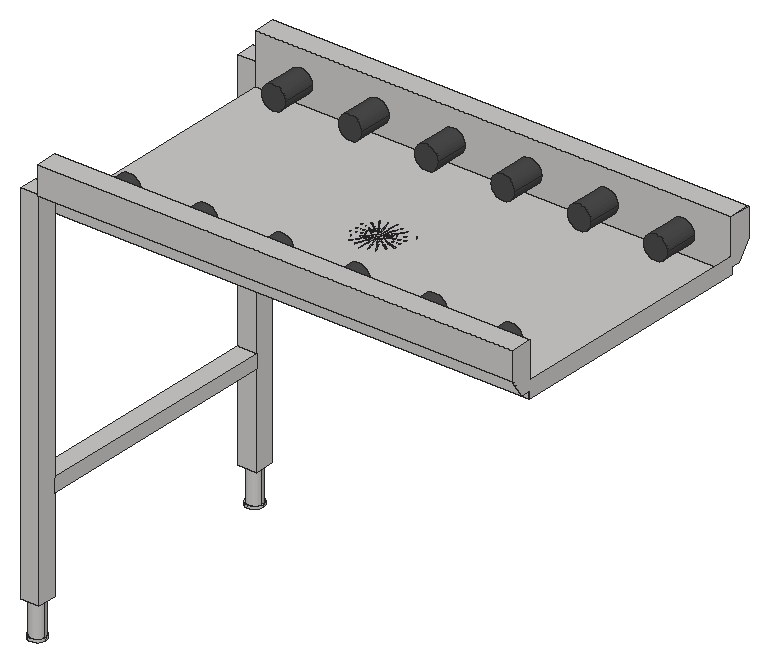
Revit family "QF_ELECTROLUXPROFESSIONAL_863142_HSSRC10", category Specialty Equipment, Revit 2018 (continued)
Automatic sketch dimensions
  Extrusion 1 sketch curve to plane 3 "LEFT" = 1.168 mm
  level to Extrusion 1 sketch curve = 270 mm
  Extrusion 1 sketch curve to Extrusion 1 sketch curve = 30 mm
  Extrusion 2 sketch curve to plane 5 "FRONT" = 0 mm
  Extrusion 2 sketch curve to plane 6 = 0 mm  (x2)
  Extrusion 2 sketch curve to plane 4 "BACK" = 0 mm
  plane 5 "FRONT" to Extrusion 2 sketch curve = 45.021 mm
  Extrusion 2 sketch curve to plane 4 "BACK" = 45.021 mm
  Extrusion 2 sketch curve to Extrusion 2 sketch curve = 59.967 mm  (x2)
  plane 5 "FRONT" to Extrusion 3 sketch curve = 43.536 mm
  Extrusion 3 sketch curve to Extrusion 3 sketch curve = 1.486 mm
  Extrusion 3 sketch curve to plane 4 "BACK" = 45.021 mm
  Extrusion 3 sketch curve to Extrusion 3 sketch curve = 1.529 mm
  Extrusion 3 sketch curve to plane 6 = 109.919 mm
  Extrusion 3 sketch curve to Extrusion 3 sketch curve = 3 mm
  Extrusion 3 sketch curve to Extrusion 3 sketch curve = 46.952 mm  (x2)
  Revolve 4 sketch curve to plane 1 "Centro (Fronte/Retro)" = 0 mm  (x2)
  plane 1 "Centro (Fronte/Retro)" to Revolve 4 sketch curve = 45.447 mm
  Revolve 4 sketch curve to Revolve 4 sketch curve = 1.52 mm
  Revolve 4 sketch curve to Revolve 4 sketch curve = 11.998 mm
  Revolve 4 sketch curve to Revolve 4 sketch curve = 4.762 mm
  Revolve 4 sketch curve to Revolve 4 sketch curve = 4.974 mm
  Revolve 4 sketch curve to plane 6 = 145.915 mm
  Revolve 4 sketch curve to Revolve 4 sketch curve = 5.727 mm
  Revolve 4 sketch curve to Revolve 4 sketch curve = 11.901 mm
  Revolve 4 sketch curve to Revolve 4 sketch curve = 3.704 mm
  Revolve 4 sketch curve to Revolve 4 sketch curve = 11.924 mm
  Revolve 4 sketch curve to Revolve 4 sketch curve = 2.681 mm
  Revolve 4 sketch curve to Revolve 4 sketch curve = 3 mm
  Revolve 4 sketch curve to Revolve 4 sketch curve = 14.991 mm
  Revolve 5 sketch curve to plane 1 "Centro (Fronte/Retro)" = 0 mm  (x2)
  Revolve 5 sketch curve to plane 1 "Centro (Fronte/Retro)" = 20.976 mm
  Revolve 5 sketch curve to plane 6 = 165.904 mm
  Revolve 5 sketch curve to plane 1 "Centro (Fronte/Retro)" = 23.516 mm
  Revolve 5 sketch curve to Revolve 5 sketch curve = 2.434 mm
  Revolve 5 sketch curve to Revolve 5 sketch curve = 8.043 mm
  Revolve 5 sketch curve to Revolve 5 sketch curve = 2.54 mm  (x2)
  Revolve 5 sketch curve to Revolve 5 sketch curve = 16.983 mm
  Revolve 5 sketch curve to Revolve 5 sketch curve = 3.127 mm
  Revolve 5 sketch curve to Revolve 5 sketch curve = 7.343 mm
  plane 3 "LEFT" to Extrusion 6 sketch curve = 95.624 mm
  Extrusion 6 sketch curve to plane 6 = 59.885 mm  (x6)
  Extrusion 17 sketch curve to plane 1 "Centro (Fronte/Retro)" = 0.162 mm
  Extrusion 17 sketch curve to plane 8 = 1.524 mm
  Extrusion 28 sketch curve to plane 5 "FRONT" = 0 mm
  Extrusion 28 sketch curve to plane 6 = 0 mm  (x2)
  Extrusion 28 sketch curve to plane 4 "BACK" = 0 mm
  plane 5 "FRONT" to Extrusion 28 sketch curve = 23.764 mm
  Extrusion 28 sketch curve to Extrusion 28 sketch curve = 19.352 mm  (x2)
  plane 5 "FRONT" to Extrusion 28 sketch curve = 45.021 mm
  Extrusion 28 sketch curve to plane 4 "BACK" = 45.021 mm
  Extrusion 28 sketch curve to Extrusion 28 sketch curve = 1.905 mm
  Extrusion 28 sketch curve to Extrusion 28 sketch curve = 59.967 mm  (x2)
  Extrusion 28 sketch curve to Extrusion 28 sketch curve = 15.444 mm
  Extrusion 28 sketch curve to Extrusion 28 sketch curve = 20.221 mm  (x2)
  Extrusion 28 sketch curve to Extrusion 28 sketch curve = 14.287 mm
  plane 3 "LEFT" to Extrusion 29 sketch curve = 95.624 mm
  Extrusion 29 sketch curve to plane 6 = 59.885 mm  (x6)
  radius of Extrusion 6 sketch curve = 25 mm  (x6)
  radius of Extrusion 17 sketch curve = 5 mm
  radius of Extrusion 29 sketch curve = 25 mm  (x6)
Nested families
  nested 1: "Foot_40x40" at (-1059.929, 361.245, 0), type "Foot_40x40"
    with A 850.033 mm
  nested 2: "Foot_40x40" at (-1059.929, -211.771, 0), type "Foot_40x40"
    with A 850.033 mm
Connectors
  piping at (-538.761, 74.737, 744.096), diameter 30
    settings: on cut or joined group of Extrusion 2, Extrusion 3, Revolve 4, Revolve 5, Extrusion 7, Extrusion 8, Extrusion 9, Extrusion 10, Extrusion 11, Extrusion 12, Extrusion 13, Extrusion 14, Extrusion 15, Extrusion 16, Extrusion 17, Extrusion 18, Extrusion 19, Extrusion 20, Extrusion 21, Extrusion 22, Extrusion 23, Extrusion 24, Extrusion 25, Extrusion 26, Extrusion 27, index 1, connector inside diameter 609.6 mm, connector length 0 mm, flow factor 0, pipe flow 0.0 L/s, pressure drop 0.0 Pa, fitting loss kfactor 0, connector angle 0.00°, fixture units 0, engagement length 0 mm, angle of deflection 0.00°, flow configuration 1, flow direction 2, fitting loss method 0, system type 16, joint type 0, gender type 0, connector reference index -1, connector utility 0, adjustable connector no, is connector primary yes, connector description "Drain"
Definition of nested family "Foot_40x40"
  Parameters
    A [instance] = 850 mm
  Reference planes
    plane 1 "Centro (Fronte/Retro)": y = 0
    plane 2: z = 0
    plane 3 "Centro (Sinistra/Destra)": x = 0
    plane 4: z = 850
  Forms (mm)
    Extrusion 1, solid
      sketch origin (0, 0, 0) x (1, 0, 0) y (0, 1, 0)
        loop
          circle (0, 0) r 18
      from 0 to 5
    Extrusion 2, solid
      sketch origin (0, 0, 5) x (1, 0, 0) y (0, 1, 0)
        loop
          circle (0, 0) r 15
      from 0 to 70
    Extrusion 3, solid
      sketch origin (0, 0, 75) x (1, 0, 0) y (0, 1, 0)
        loop
          line (-20, 20) -> (-20, -20) -> (20, -20) -> (20, 20) -> (-20, 20)
      from 0 to 775
  Dimensions and locks
    "A": plane 4 to plane 2
    aligned and locked: level to plane 2
    aligned and locked: plane 4 to Extrusion 3
    aligned and locked: Extrusion 1 to level
  Automatic sketch dimensions
    plane 1 "Centro (Fronte/Retro)" to Extrusion 1 sketch curve = 0 mm
    Extrusion 1 sketch curve to plane 3 "Centro (Sinistra/Destra)" = 0 mm
    Extrusion 3 sketch curve to Extrusion 3 sketch curve = 40 mm  (x2)
    radius of Extrusion 1 sketch curve = 18 mm
    radius of Extrusion 2 sketch curve to Extrusion 1 = 3 mm
Types (2, lengths in mm): name | URL | Manufacturer | Model | Description
  (no name) | 0 | 0 | 0 | 0
  QF_ELECTROLUX_863142_HSSRC10 | "http://professional.electrolux.com" | "Electrolux" | "HSSRC10" | "CONVEYOR, SHORT ROLLERS, 1000 MM"
